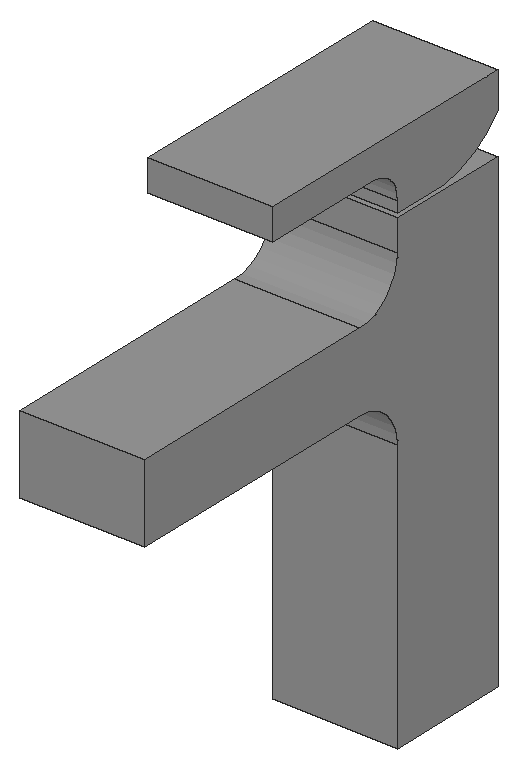
Revit family "Kohler Strayt 37327A-4ND-CP Family", category Plumbing Fixtures, Revit 2018
Family settings
  Round Connector Dimension = Use Diameter
  Part Type = Normal
  Work Plane-Based = No
  Always vertical = Yes
  Cut with Voids When Loaded = No
  Shared = No
  Room Calculation Point = No
Parameters (values of type "Kohler Strayt 37327A-4ND-CP")
  URL = "www.africa.kohler.com"
  Telephone = "011 050 9000"  # constant formula
  Model = "Kohler Strayt 37327A-4ND-CP"  # constant formula
  Material = Chrome
  Manufacturer = "Kohler Co."  # constant formula
  Hot Water Connection = 5.545 mm
  Height = 177 mm
  Faucet = 40 mm
  Email = "contact.africa@kohler.com"  # constant formula
  Disclaimer = "Although care has been taken to ensure, to the best of our knowledge, that all data and information contained herein is accurate to the extent that it relates to either matters of fact or accepted practice at the time of issue. MDFC (Pty) Ltd assumes no responsibility for any errors in, or misinterpretation of, such data and/ or information or any loss or damage arising from, or related to its use."  # constant formula
  Depth = 141 mm
  Company Address = "Block C Unit 2, Coachman’s Crossing Office Park, 4 Brian St, Lyme Park, Johannesburg, 2191"  # constant formula
  Cold Water Connection = 6 mm
Reference planes
  plane 1 "Center (Front/Back)": y = 0
  plane 2: z = 0
  plane 3 "Center (Left/Right)": x = 0
Forms (mm)
  Extrusion 1, solid, material "Chrome" <- "Material"
    sketch origin (0, 417.783, -221.931) x (0, 1, 0) y (0, 0, 1)
      loop
        line (-350.812, 221.931) -> (-350.812, 373.931) -> (-390.812, 373.931) -> (-390.812, 363.931)
        arc (-390.812, 363.931) -> (-395.206, 353.325) -> (-405.812, 348.931) r 15
        line (-405.812, 348.931) -> (-491.812, 348.931) -> (-491.812, 323.931) -> (-405.812, 323.931)
        arc (-405.812, 323.931) -> (-395.206, 319.538) -> (-390.812, 308.931) r 15
        line (-390.812, 308.931) -> (-390.812, 221.931) -> (-350.812, 221.931)
    from 0 to 40
  Extrusion 2, solid, material "Chrome" <- "Material"
    sketch origin (0, 0, 0) x (1, 0, 0) y (0, 1, 0)
      loop
        circle (20, 46.971) r 12
    from 152 to 163.775
  Extrusion 3, solid, material "Chrome" <- "Material"
    sketch origin (0, 0, 0) x (0, 1, 0) y (0, 0, 1)
      loop
        line (66.971, 165.376) -> (66.971, 177) -> (-23.029, 177) -> (-23.029, 167) -> (16.971, 167)
        arc (16.971, 167) -> (24.042, 164.071) -> (26.971, 157) r 10
        line (26.971, 157) -> (26.971, 153.531) -> (45.346, 153.531)
        arc (45.346, 153.531) -> (57.334, 157.307) -> (66.971, 165.376) r 32.271
    from 0 to 40
  Extrusion 4, solid, material "Chrome" <- "Material"
    sketch origin (0, 0, 0) x (1, 0, 0) y (0, 1, 0)
      loop
        circle (20, -53.137) r 10
      loop
        circle (20, -53.137) r 7.393
    from 98.037 to 113.607
  Extrusion 5, void
    sketch origin (0, 0, 0) x (1, 0, 0) y (0, 1, 0)
      loop
        circle (30.956, 46.971) r 2.773
      loop
        circle (7.736, 46.971) r 3
    from 0 to 5
Cuts and joins
  Extrusion 5 cuts Extrusion 1
  Extrusion 5 cuts Extrusion 2
  Extrusion 5 cuts Extrusion 3
  joined: Extrusion 1, Extrusion 2, Extrusion 3
Dimensions and locks
  "Height": cut or joined group of Extrusion 1, Extrusion 2, Extrusion 3, Extrusion 5 to level
  "Depth": cut or joined group of Extrusion 1, Extrusion 2, Extrusion 3, Extrusion 5 to cut or joined group of Extrusion 1, Extrusion 2, Extrusion 3, Extrusion 5
  "Faucet": cut or joined group of Extrusion 1, Extrusion 2, Extrusion 3, Extrusion 5 to cut or joined group of Extrusion 1, Extrusion 2, Extrusion 3, Extrusion 5
  diameter of Extrusion 5 sketch curve = 5.545 mm
  "Hot Water Connection": diameter of cut or joined group of Extrusion 1, Extrusion 2, Extrusion 3, Extrusion 5
  "Cold Water Connection": diameter of cut or joined group of Extrusion 1, Extrusion 2, Extrusion 3, Extrusion 5
  aligned and locked: level to plane 2
  aligned and locked: Extrusion 3 to Extrusion 1
  aligned and locked: Extrusion 1 to Extrusion 3
Automatic sketch dimensions
  Extrusion 1 sketch curve to level = 0 mm
  plane 1 "Center (Front/Back)" to Extrusion 1 sketch curve = 74.029 mm
  Extrusion 1 sketch curve to plane 1 "Center (Front/Back)" = 11.971 mm  (x2)
  Extrusion 1 sketch curve to Extrusion 1 sketch curve = 15 mm  (x2)
  Extrusion 1 sketch curve to Extrusion 1 sketch curve = 40 mm
  Extrusion 1 sketch curve to Extrusion 1 sketch curve = 87 mm
  Extrusion 1 sketch curve to Extrusion 1 sketch curve = 25 mm
  Extrusion 1 sketch curve to Extrusion 1 sketch curve = 10 mm
  plane 3 "Center (Left/Right)" to Extrusion 2 sketch curve = 20 mm
  Extrusion 2 sketch curve to plane 1 "Center (Front/Back)" = 46.971 mm
  plane 1 "Center (Front/Back)" to Extrusion 3 sketch curve = 23.029 mm
  Extrusion 3 sketch curve to plane 1 "Center (Front/Back)" = 16.971 mm
  Extrusion 3 sketch curve to Extrusion 3 sketch curve = 10 mm  (x2)
  Extrusion 3 sketch curve to Extrusion 3 sketch curve = 24.861 mm
  Extrusion 3 sketch curve to Extrusion 3 sketch curve = 18.375 mm
  Extrusion 3 sketch curve to Extrusion 3 sketch curve = 25.139 mm
  level to Extrusion 3 sketch curve = 153.531 mm
  Extrusion 3 sketch curve to Extrusion 3 sketch curve = 3.469 mm
  Extrusion 3 sketch curve to Extrusion 3 sketch curve = 11.845 mm
  Extrusion 4 sketch curve to Extrusion 4 sketch curve = 0 mm  (x2)
  plane 3 "Center (Left/Right)" to Extrusion 4 sketch curve = 20 mm
  plane 1 "Center (Front/Back)" to Extrusion 4 sketch curve = 53.137 mm
  plane 3 "Center (Left/Right)" to Extrusion 5 sketch curve = 7.736 mm
  Extrusion 5 sketch curve to plane 1 "Center (Front/Back)" = 46.971 mm
  Extrusion 5 sketch curve to Extrusion 5 sketch curve = 0 mm
  Extrusion 5 sketch curve to Extrusion 5 sketch curve = 23.22 mm
  radius of Extrusion 2 sketch curve = 12 mm
  radius of Extrusion 4 sketch curve = 10 mm
  radius of Extrusion 4 sketch curve = 7.393 mm
  radius of Extrusion 5 sketch curve = 3 mm
Connectors
  piping at (7.736, 46.971, 5), diameter 6, driven by "Cold Water Connection"
    settings: on cut or joined group of Extrusion 1, Extrusion 2, Extrusion 3, Extrusion 5, index 1, connector inside diameter 609.6 mm, connector length 0 mm, flow factor 0, pipe flow 0.0 L/s, pressure drop 0.0 Pa, fitting loss kfactor 0, connector angle 0.00°, fixture units 0, engagement length 0 mm, angle of deflection 0.00°, flow configuration 0, flow direction 0, fitting loss method 0, system type 20, joint type 0, gender type 0, connector reference index -1, connector utility 0, adjustable connector no, is connector primary yes, connector description ""
  piping at (30.956, 46.971, 5), diameter 5.545, driven by "Hot Water Connection"
    settings: on cut or joined group of Extrusion 1, Extrusion 2, Extrusion 3, Extrusion 5, index 2, connector inside diameter 609.6 mm, connector length 0 mm, flow factor 0, pipe flow 0.0 L/s, pressure drop 0.0 Pa, fitting loss kfactor 0, connector angle 0.00°, fixture units 0, engagement length 0 mm, angle of deflection 0.00°, flow configuration 0, flow direction 0, fitting loss method 0, system type 19, joint type 0, gender type 0, connector reference index -1, connector utility 0, adjustable connector no, is connector primary no, connector description ""
